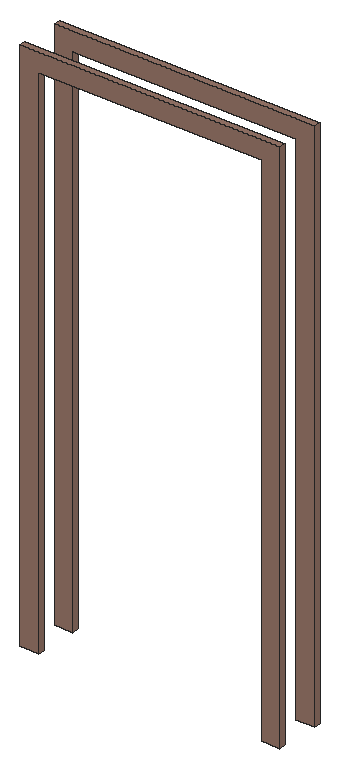
Revit family "Door Opening", category Doors, host Wall, Revit 2022
Family settings
  Host = Wall
  OmniClass Number = 23.30.10.00
  OmniClass Title = Doors
  Always vertical = Yes
  Cut with Voids When Loaded = No
  Shared = No
  Room Calculation Point = No
Parameters (values of type "36" x 84"")
  Visual Light Transmittance = 0
  Thickness = 0' - 2"
  Thermal Resistance (R) = 1.5338 (h·ft²·°F)/BTU
  Solar Heat Gain Coefficient = 0
  Frame [instance] = yes
  Define Thermal Properties by = Schematic Type
  Construction Type Id = "MDOOR"
  Heat Transfer Coefficient (U) = 0.651978 BTU/(h·ft²·°F)
  Function = Interior
  Assembly Code = "C1020"
  Door Material = Door - Panel
  Frame Material = Door - Frame
  Height = 7' - 0"
  Trim Projection Ext = 0' - 1"
  Trim Projection Int = 0' - 1"
  Trim Width = 0' - 3"
  Wall Closure = By host
  Width = 3' - 0"
  Analytic Construction = "Metal"
Types (7): name | Height | Width
  36" x 84" | 7' - 0" | 3' - 0"
  32" x 84" | 7' - 0" | 2' - 8"
  30" x 84" | 7' - 0" | 2' - 6"
  30" x 80" | 6' - 8" | 2' - 6"
  36" x 80" | 6' - 8" | 3' - 0"
  34" x 80" | 6' - 8" | 2' - 10"
  60" x 84" | 7' - 0" | 5' - 0"
Reference planes (in)
  plane 1: y = 0
  plane 2: z = 0
  plane 3: x = 0
  plane 4: x = -18
  plane 5: x = 18
  plane 6: z = 84
Forms (in)
  Extrusion 1, solid, material "Door - Frame" <- "Frame Material", visible <- "Frame"
    sketch origin (-60, -3, 0) x (1, 0, 0) y (0, 0, 1)
      loop
        line (39, 87) -> (39, 0) -> (42, 0) -> (42, 84) -> (78, 84) -> (78, 0) -> (81, 0) -> (81, 87) -> (39, 87)
    from 0 to 1
  Extrusion 2, solid, material "Door - Frame" <- "Frame Material", visible <- "Frame"
    sketch origin (-60, 3, 0) x (-1, 0, 0) y (0, 0, 1)
      loop
        line (-81, 87) -> (-81, 0) -> (-78, 0) -> (-78, 84) -> (-42, 84) -> (-42, 0) -> (-39, 0) -> (-39, 87) -> (-81, 87)
    from 0 to 1
Lines and regions (in)
  Opening 1
    outline origin (-60, -3, 144) x (0, 0, -1) y (1, 0, 0)
      loop
        line (60, 42) -> (144, 42) -> (144, 78) -> (60, 78) -> (60, 42)
  model lines, style "DoorsFrameMullionProjection", visible <- "Frame"
    curve 1: line (-21, -3, 0) -> (-21, -3, 87)
    curve 2: line (-21, -3, 87) -> (21, -3, 87)
    curve 3: line (21, -3, 87) -> (21, -3, 0)
    curve 4: line (21, 3, 0) -> (21, 3, 87)
    curve 5: line (-21, 3, 87) -> (21, 3, 87)
    curve 6: line (-21, 3, 87) -> (-21, 3, 0)
  symbolic lines, style "Elevation Swing"
    curve 7: line (-18, 0, 84) -> (18, 0, 42)
    curve 8: line (-18, 0, 0) -> (18, 0, 42)
Dimensions and locks (in)
  equal spacing: plane 4, plane 3, plane 5
  "Width": plane 4 to plane 5
  "Height": plane 6 to plane 2
  "Trim Width": plane 4 to curve 1
  "Trim Width": plane 5 to curve 3
  "Trim Width": plane 6 to curve 2
  locked: curve 5 to host wall
  "Trim Projection Ext": Extrusion 2 to host wall
  "Trim Projection Int": Extrusion 1 to host wall
  equal spacing: plane 6, curve 8, level
  aligned and locked: plane 2 to curve 1
  aligned and locked: curve 3 to level
  aligned and locked: curve 4 to curve 3
  aligned and locked: curve 2 to Extrusion 1 sketch curve
  aligned and locked: Extrusion 1 sketch curve to curve 1
  aligned and locked: Extrusion 1 sketch curve to curve 3
  aligned and locked: Extrusion 1 to Extrusion 2 sketch curve
  aligned and locked: Extrusion 2 sketch curve to Extrusion 1  (x2)
Automatic sketch dimensions
  Opening 1 sketch curve to plane 6 = 0' - 0"
  Opening 1 sketch curve to level = 0' - 0"
  Opening 1 sketch curve to plane 4 = 0' - 0"
  Opening 1 sketch curve to plane 5 = 0' - 0"
  Extrusion 1 sketch curve to level = 0' - 0"  (x2)
  Extrusion 1 sketch curve to plane 4 = 0' - 0"
  Extrusion 1 sketch curve to plane 5 = 0' - 0"
  Extrusion 1 sketch curve to plane 6 = 0' - 0"
  Extrusion 2 sketch curve to level = 0' - 0"  (x2)
  Extrusion 2 sketch curve to plane 5 = 0' - 0"
  Extrusion 2 sketch curve to plane 4 = 0' - 0"
  Extrusion 2 sketch curve to plane 6 = 0' - 0"
  curve 7 to plane 4 = 0' - 0"
  curve 7 to plane 6 = 0' - 0"
  curve 8 to plane 5 = 0' - 0"
  curve 4 to level = 0' - 0"
  curve 8 to level = 0' - 0"
  curve 6 to level = 0' - 0"
  curve 8 to plane 4 = 0' - 0"
  curve 5 to curve 1 = 0' - 0"
  curve 6 to curve 1 = 0' - 0"
